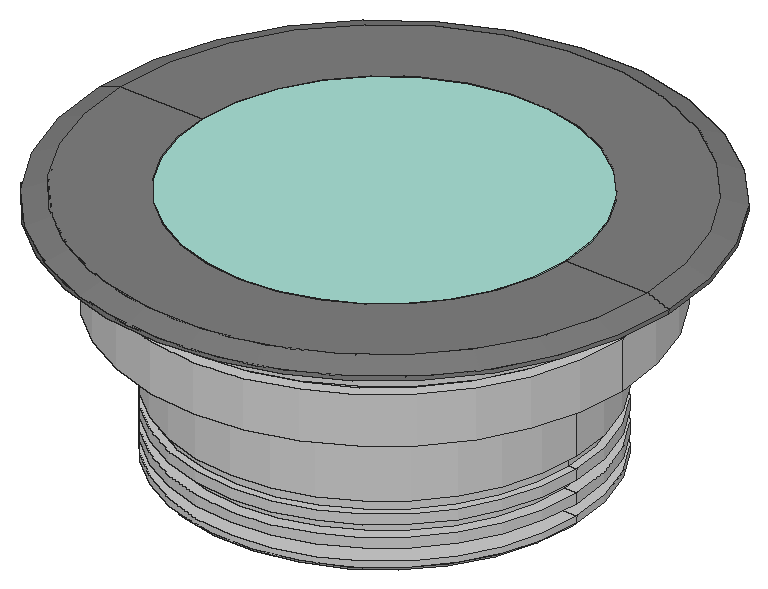
Revit family "Bright 5.F", category Lighting Fixtures, host Face, Revit 2017 (continued)
Types (16, lengths in mm): name | Wattage | Power | Photometric Web File | Optics | built-in parameter 1150142 | built-in parameter 1150105 | Lumens | built-in parameter 1150106 | Apparent Load Phase 1
  Bright 5.F X 67°x11° (3000K 19W 24Vdc) | 10.354 W | "19W" | "BRIGHT 5.F X 67°x11° magnet [3000K 19W 24Vdc].IES" | "67°x11° adjustable through 360°" | "IESNA:LM-63-2002\r\n[TEST] 20190607-1503.LDT\r\n[TESTLAB] L&L\r\n[TESTDATE] 7 Jun 2019\r\n[ISSUEDATE] 7 Jun 2019\r\n[MANUFAC] L&L\r\n[LUMCAT] BRIGHT 5.F X 67°x11° magnet [3000K 19W 24Vdc]\r\n[LUMINAIRE] BRIGHT 5.F X 67°x11° magnet [3000K 19W 24Vdc]\r\n[FLASHAREA] 0.001900\r\n[LAMPCAT] Power LED High Intensity\r\n[LAMP] Power LED High Intensity\r\nTILT=NONE\r\n3 351.33 1.0 181 73 1 2 -0.100 -0.100 0.000\r\n1.00 1.00 19.00\r\n0.00 1.00 2.00 3.00 4.00 5.00 6.00 7.00 8.00 9.00 10.00 \r\n11.00 12.00 13.00 14.00 15.00 16.00 17.00 18.00 19.00 \r\n20.00 21.00 22.00 23.00 24.00 25.00 26.00 27.00 28.00 \r\n29.00 30.00 31.00 32.00 33.00 34.00 35.00 36.00 37.00 \r\n38.00 39.00 40.00 41.00 42.00 43.00 44.00 45.00 46.00 \r\n47.00 48.00 49.00 50.00 51.00 52.00 53.00 54.00 55.00 \r\n56.00 57.00 58.00 59.00 60.00 61.00 62.00 63.00 64.00 \r\n65.00 66.00 67.00 68.00 69.00 70.00 71.00 72.00 73.00 \r\n74.00 75.00 76.00 77.00 78.00 79.00 80.00 81.00 82.00 \r\n83.00 84.00 85.00 86.00 87.00 88.00 89.00 90.00 91.00 \r\n92.00 93.00 94.00 95.00 96.00 97.00 98.00 99.00 100.00 \r\n101.00 102.00 103.00 104.00 105.00 106.00 107.00 108.00 \r\n109.00 110.00 111.00 112.00 113.00 114.00 115.00 116.00 \r\n117.00 118.00 119.00 120.00 121.00 122.00 123.00 124.00 \r\n125.00 126.00 127.00 128.00 129.00 130.00 131.00 132.00 \r\n133.00 134.00 135.00 136.00 137.00 138.00 139.00 140.00 \r\n141.00 142.00 143.00 144.00 145.00 146.00 147.00 148.00 \r\n149.00 150.00 151.00 152.00 153.00 154.00 155.00 156.00 \r\n157.00 158.00 159.00 160.00 161.00 162.00 163.00 164.00 \r\n165.00 166.00 167.00 168.00 169.00 170.00 171.00 172.00 \r\n173.00 174.00 175.00 176.00 177.00 178.00 179.00 180.00 \r\n0.00 5.00 10.00 15.00 20.00 25.00 30.00 35.00 40.00 45.00 \r\n50.00 55.00 60.00 65.00 70.00 75.00 80.00 85.00 90.00 \r\n95.00 100.00 105.00 110.00 115.00 120.00 125.00 130.00 \r\n135.00 140.00 145.00 150.00 155.00 160.00 165.00 170.00 \r\n175.00 180.00 185.00 190.00 195.00 200.00 205.00 210.00 \r\n215.00 220.00 225.00 230.00 235.00 240.00 245.00 250.00 \r\n255.00 260.00 265.00 270.00 275.00 280.00 285.00 290.00 \r\n295.00 300.00 305.00 310.00 315.00 320.00 325.00 330.00 \r\n335.00 340.00 345.00 350.00 355.00 360.00 \r\n4408.84 4232.87 3897.98 3439.21 2894.88 2338.87 1852.53 \r\n1395.37 1034.28 778.00 575.39 452.10 361.02 292.43 252.11 \r\n218.23 193.39 171.62 152.53 136.65 122.45 108.95 98.24 \r\n87.68 79.16 71.66 64.97 59.22 54.44 50.22 46.55 43.15 \r\n40.02 37.35 34.65 32.47 30.33 28.38 26.54 24.94 23.28 \r\n21.89 20.51 19.21 17.98 16.87 15.89 14.80 13.92 13.02 \r\n12.13 11.36 10.63 9.90 9.30 8.66 8.14 7.60 7.11 6.61 6.14 \r\n5.66 5.23 4.80 4.37 3.99 3.60 3.27 2.96 2.68 2.41 2.18 \r\n1.94 1.73 1.53 1.34 1.17 1.01 0.87 0.72 0.60 0.48 0.37 \r\n0.28 0.21 0.14 0.10 0.08 0.05 0.01 0.00 0.00 0.00 0.00 \r\n0.00 0.00 0.00 0.00 0.00 0.00 0.00 0.00 0.00 0.00 0.00 \r\n0.00 0.00 0.00 0.00 0.00 0.00 0.00 0.00 0.00 0.00 0.00 \r\n0.00 0.00 0.00 0.00 0.00 0.00 0.00 0.00 0.00 0.00 0.00 \r\n0.00 0.00 0.00 0.00 0.00 0.00 0.00 0.00 0.00 0.00 0.00 \r\n0.00 0.00 0.00 0.00 0.00 0.00 0.00 0.00 0.00 0.00 0.00 \r\n0.00 0.00 0.00 0.00 0.00 0.00 0.00 0.00 0.00 0.00 0.00 \r\n0.00 0.00 0.00 0.00 0.00 0.00 0.00 0.00 0.00 0.00 0.00 \r\n0.00 0.00 0.00 0.00 0.00 0.00 0.00 0.00 0.00 0.00 \r\n4408.84 4296.66 4002.62 3584.57 3048.63 2518.06 1983.29 \r\n1545.47 1147.14 855.65 639.82 491.54 381.67 313.28 266.12 \r\n228.39 200.27 177.82 158.34 141.47 127.52 113.70 102.12 \r\n91.40 82.07 73.98 67.31 61.35 56.34 51.74 47.82 44.30 \r\n41.08 38.29 35.56 33.26 31.03 29.09 27.23 25.58 24.00 \r\n22.47 21.03 19.74 18.47 17.33 16.29 15.28 14.33 13.37 \r\n12.49 11.66 10.92 10.17 9.55 8.94 8.36 7.83 7.32 6.82 \r\n6.36 5.88 5.43 4.98 4.57 4.19 3.80 3.44 3.11 2.81 2.53 \r\n2.28 2.04 1.83 1.62 1.43 1.25 1.07 0.92 0.77 0.64 0.52 \r\n0.41 0.32 0.24 0.17 0.12 0.09 0.06 0.03 0.00 0.00 0.00 \r\n0.00 0.00 0.00 0.00 0.00 0.00 0.00 0.00 0.00 0.00 0.00 \r\n0.00 0.00 0.00 0.00 0.00 0.00 0.00 0.00 0.00 0.00 0.00 \r\n0.00 0.00 0.00 0.00 0.00 0.00 0.00 0.00 0.00 0.00 0.00 \r\n0.00 0.00 0.00 0.00 0.00 0.00 0.00 0.00 0.00 0.00 0.00 \r\n0.00 0.00 0.00 0.00 0.00 0.00 0.00 0.00 0.00 0.00 0.00 \r\n0.00 0.00 0.00 0.00 0.00 0.00 0.00 0.00 0.00 0.00 0.00 \r\n0.00 0.00 0.00 0.00 0.00 0.00 0.00 0.00 0.00 0.00 0.00 \r\n0.00 0.00 0.00 0.00 0.00 0.00 0.00 0.00 0.00 0.00 0.00 \r\n4408.84 4297.41 4012.49 3601.19 3072.69 2550.52 2017.42 \r\n1563.23 1191.91 888.93 661.29 507.47 392.83 322.24 272.52 \r\n233.90 205.46 181.53 162.06 145.44 130.12 116.44 104.92 \r\n94.07 84.83 75.95 69.36 63.30 57.97 53.24 49.19 45.63 \r\n42.34 39.30 36.66 34.28 32.04 30.01 28.12 26.38 24.73 \r\n23.21 21.78 20.42 19.13 17.93 16.80 15.79 14.78 13.84 \r\n12.90 12.08 11.33 10.55 9.88 9.26 8.66 8.10 7.59 7.07 \r\n6.60 6.09 5.66 5.22 4.78 4.39 4.00 3.63 3.28 2.95 2.65 \r\n2.39 2.12 1.89 1.67 1.47 1.28 1.09 0.93 0.78 0.63 0.51 \r\n0.41 0.31 0.23 0.17 0.12 0.09 0.06 0.03 0.00 0.00 0.00 \r\n0.00 0.00 0.00 0.00 0.00 0.00 0.00 0.00 0.00 0.00 0.00 \r\n0.00 0.00 0.00 0.00 0.00 0.00 0.00 0.00 0.00 0.00 0.00 \r\n0.00 0.00 0.00 0.00 0.00 0.00 0.00 0.00 0.00 0.00 0.00 \r\n0.00 0.00 0.00 0.00 0.00 0.00 0.00 0.00 0.00 0.00 0.00 \r\n0.00 0.00 0.00 0.00 0.00 0.00 0.00 0.00 0.00 0.00 0.00 \r\n0.00 0.00 0.00 0.00 0.00 0.00 0.00 0.00 0.00 0.00 0.00 \r\n0.00 0.00 0.00 0.00 0.00 0.00 0.00 0.00 0.00 0.00 0.00 \r\n0.00 0.00 0.00 0.00 0.00 0.00 0.00 0.00 0.00 0.00 0.00 \r\n4408.84 4299.33 4021.49 3608.66 3108.55 2593.05 2077.12 \r\n1622.81 1219.79 918.94 690.55 528.78 411.26 334.47 280.96 \r\n242.11 211.98 187.03 167.86 150.35 134.66 120.92 109.28 \r\n97.88 88.38 79.48 72.22 65.90 60.24 55.48 51.33 47.54 \r\n44.11 41.07 38.26 35.80 33.38 31.33 29.32 27.53 25.82 \r\n24.29 22.76 21.37 20.07 18.78 17.62 16.50 15.51 14.51 \r\n13.58 12.70 11.88 11.05 10.35 9.66 9.06 8.48 7.93 7.40 \r\n6.89 6.40 5.95 5.51 5.07 4.66 4.26 3.88 3.52 3.18 2.84 \r\n2.55 2.27 2.01 1.76 1.55 1.34 1.15 0.97 0.80 0.65 0.52 \r\n0.41 0.31 0.23 0.17 0.12 0.09 0.06 0.03 0.00 0.00 0.00 \r\n0.00 0.00 0.00 0.00 0.00 0.00 0.00 0.00 0.00 0.00 0.00 \r\n0.00 0.00 0.00 0.00 0.00 0.00 0.00 0.00 0.00 0.00 0.00 \r\n0.00 0.00 0.00 0.00 0.00 0.00 0.00 0.00 0.00 0.00 0.00 \r\n0.00 0.00 0.00 0.00 0.00 0.00 0.00 0.00 0.00 0.00 0.00 \r\n0.00 0.00 0.00 0.00 0.00 0.00 0.00 0.00 0.00 0.00 0.00 \r\n0.00 0.00 0.00 0.00 0.00 0.00 0.00 0.00 0.00 0.00 0.00 \r\n0.00 0.00 0.00 0.00 0.00 0.00 0.00 0.00 0.00 0.00 0.00 \r\n0.00 0.00 0.00 0.00 0.00 0.00 0.00 0.00 0.00 0.00 0.00 \r\n4408.84 4300.19 4027.57 3652.95 3143.58 2669.90 2141.57 \r\n1684.34 1293.91 976.80 733.81 570.92 436.99 355.59 297.42 \r\n254.12 223.27 196.75 176.59 158.18 141.89 127.50 115.42 \r\n103.66 94.00 84.64 76.92 70.31 64.04 58.88 54.59 50.39 \r\n46.76 43.61 40.57 38.15 35.47 33.40 31.27 29.36 27.61 \r\n25.89 24.30 22.84 21.38 20.07 18.87 17.60 16.55 15.47 \r\n14.51 13.55 12.67 11.82 11.07 10.29 9.65 9.03 8.42 7.88 \r\n7.33 6.82 6.36 5.90 5.45 5.03 4.61 4.24 3.85 3.49 3.13 \r\n2.81 2.51 2.21 1.94 1.69 1.46 1.24 1.04 0.86 0.70 0.55 \r\n0.43 0.32 0.24 0.17 0.12 0.09 0.06 0.03 0.00 0.00 0.00 \r\n0.00 0.00 0.00 0.00 0.00 0.00 0.00 0.00 0.00 0.00 0.00 \r\n0.00 0.00 0.00 0.00 0.00 0.00 0.00 0.00 0.00 0.00 0.00 \r\n0.00 0.00 0.00 0.00 0.00 0.00 0.00 0.00 0.00 0.00 0.00 \r\n0.00 0.00 0.00 0.00 0.00 0.00 0.00 0.00 0.00 0.00 0.00 \r\n0.00 0.00 0.00 0.00 0.00 0.00 0.00 0.00 0.00 0.00 0.00 \r\n0.00 0.00 0.00 0.00 0.00 0.00 0.00 0.00 0.00 0.00 0.00 \r\n0.00 0.00 0.00 0.00 0.00 0.00 0.00 0.00 0.00 0.00 0.00 \r\n0.00 0.00 0.00 0.00 0.00 0.00 0.00 0.00 0.00 0.00 0.00 \r\n4408.84 4304.18 4056.51 3682.67 3223.18 2711.82 2231.85 \r\n1762.62 1368.27 1038.41 799.00 610.22 478.60 383.31 \r\n321.13 271.64 237.15 208.95 186.75 167.89 151.39 136.60 \r\n123.68 111.88 101.22 91.54 83.19 76.00 69.24 63.71 58.88 \r\n54.53 50.57 47.09 43.98 41.12 38.36 36.02 33.72 31.65 \r\n29.80 27.90 26.25 24.66 23.16 21.74 20.47 19.16 17.97 \r\n16.84 15.78 14.76 13.81 12.93 12.09 11.31 10.57 9.86 9.23 \r\n8.61 8.02 7.48 6.94 6.46 5.98 5.54 5.11 4.67 4.28 3.90 \r\n3.53 3.16 2.83 2.51 2.21 1.92 1.66 1.41 1.18 0.96 0.78 \r\n0.61 0.47 0.35 0.25 0.18 0.12 0.09 0.06 0.03 0.00 0.00 \r\n0.00 0.00 0.00 0.00 0.00 0.00 0.00 0.00 0.00 0.00 0.00 \r\n0.00 0.00 0.00 0.00 0.00 0.00 0.00 0.00 0.00 0.00 0.00 \r\n0.00 0.00 0.00 0.00 0.00 0.00 0.00 0.00 0.00 0.00 0.00 \r\n0.00 0.00 0.00 0.00 0.00 0.00 0.00 0.00 0.00 0.00 0.00 \r\n0.00 0.00 0.00 0.00 0.00 0.00 0.00 0.00 0.00 0.00 0.00 \r\n0.00 0.00 0.00 0.00 0.00 0.00 0.00 0.00 0.00 0.00 0.00 \r\n0.00 0.00 0.00 0.00 0.00 0.00 0.00 0.00 0.00 0.00 0.00 \r\n0.00 0.00 0.00 0.00 0.00 0.00 0.00 0.00 0.00 0.00 0.00 \r\n0.00 \r\n4408.84 4310.92 4075.98 3721.59 3282.67 2830.81 2330.32 \r\n1890.31 1479.34 1157.40 876.61 684.50 529.66 428.74 \r\n353.12 299.16 258.36 227.05 202.54 181.48 163.80 148.31 \r\n135.38 122.12 111.68 101.43 92.19 84.25 76.75 70.51 65.17 \r\n60.18 55.91 51.93 48.42 45.41 42.45 39.80 37.26 35.04 \r\n32.87 30.99 29.06 27.45 25.82 24.26 22.86 21.47 20.19 \r\n18.96 17.85 16.70 15.64 14.63 13.74 12.83 12.04 11.27 \r\n10.52 9.82 9.13 8.51 7.91 7.34 6.80 6.30 5.79 5.34 4.88 \r\n4.44 4.03 3.64 3.25 2.90 2.55 2.24 1.93 1.64 1.36 1.11 \r\n0.90 0.71 0.53 0.39 0.28 0.19 0.13 0.09 0.07 0.03 0.00 \r\n0.00 0.00 0.00 0.00 0.00 0.00 0.00 0.00 0.00 0.00 0.00 \r\n0.00 0.00 0.00 0.00 0.00 0.00 0.00 0.00 0.00 0.00 0.00 \r\n0.00 0.00 0.00 0.00 0.00 0.00 0.00 0.00 0.00 0.00 0.00 \r\n0.00 0.00 0.00 0.00 0.00 0.00 0.00 0.00 0.00 0.00 0.00 \r\n0.00 0.00 0.00 0.00 0.00 0.00 0.00 0.00 0.00 0.00 0.00 \r\n0.00 0.00 0.00 0.00 0.00 0.00 0.00 0.00 0.00 0.00 0.00 \r\n0.00 0.00 0.00 0.00 0.00 0.00 0.00 0.00 0.00 0.00 0.00 \r\n0.00 0.00 0.00 0.00 0.00 0.00 0.00 0.00 0.00 0.00 0.00 \r\n0.00 0.00 \r\n4408.84 4321.87 4109.05 3779.22 3369.11 2920.03 2461.24 \r\n2023.81 1618.24 1270.81 992.01 775.62 607.75 489.07 \r\n397.16 335.02 287.30 250.19 222.82 198.96 180.33 163.57 \r\n149.07 136.06 124.48 113.42 103.54 94.89 87.07 80.13 \r\n73.56 68.25 63.10 58.78 54.57 51.02 47.73 44.77 41.96 \r\n39.50 37.16 35.00 32.88 31.02 29.25 27.53 25.97 24.46 \r\n23.10 21.69 20.45 19.22 18.11 16.94 15.90 14.94 14.02 \r\n13.12 12.24 11.46 10.64 9.95 9.23 8.57 7.92 7.34 6.72 \r\n6.20 5.65 5.14 4.64 4.20 3.76 3.34 2.94 2.59 2.23 1.89 \r\n1.59 1.29 1.05 0.81 0.62 0.45 0.31 0.21 0.14 0.10 0.07 \r\n0.03 0.00 0.00 0.00 0.00 0.00 0.00 0.00 0.00 0.00 0.00 \r\n0.00 0.00 0.00 0.00 0.00 0.00 0.00 0.00 0.00 0.00 0.00 \r\n0.00 0.00 0.00 0.00 0.00 0.00 0.00 0.00 0.00 0.00 0.00 \r\n0.00 0.00 0.00 0.00 0.00 0.00 0.00 0.00 0.00 0.00 0.00 \r\n0.00 0.00 0.00 0.00 0.00 0.00 0.00 0.00 0.00 0.00 0.00 \r\n0.00 0.00 0.00 0.00 0.00 0.00 0.00 0.00 0.00 0.00 0.00 \r\n0.00 0.00 0.00 0.00 0.00 0.00 0.00 0.00 0.00 0.00 0.00 \r\n0.00 0.00 0.00 0.00 0.00 0.00 0.00 0.00 0.00 0.00 0.00 \r\n0.00 0.00 0.00 0.00 \r\n4408.84 4326.97 4135.36 3834.72 3457.16 3042.91 2600.55 \r\n2179.08 1773.40 1433.91 1142.26 907.01 708.10 573.14 \r\n467.88 389.75 331.52 286.94 252.10 225.53 202.84 183.87 \r\n168.37 154.18 141.46 129.38 119.38 109.80 101.19 93.16 \r\n86.08 79.47 73.80 68.21 63.51 59.31 55.29 51.78 48.64 \r\n45.75 42.98 40.33 38.02 35.79 33.68 31.75 29.93 28.24 \r\n26.58 25.05 23.60 22.20 20.89 19.63 18.40 17.29 16.22 \r\n15.19 14.20 13.24 12.35 11.45 10.63 9.86 9.10 8.40 7.73 \r\n7.10 6.48 5.88 5.30 4.79 4.26 3.79 3.33 2.90 2.50 2.13 \r\n1.77 1.45 1.15 0.90 0.68 0.49 0.35 0.23 0.15 0.10 0.07 \r\n0.03 0.00 0.00 0.00 0.00 0.00 0.00 0.00 0.00 0.00 0.00 \r\n0.00 0.00 0.00 0.00 0.00 0.00 0.00 0.00 0.00 0.00 0.00 \r\n0.00 0.00 0.00 0.00 0.00 0.00 0.00 0.00 0.00 0.00 0.00 \r\n0.00 0.00 0.00 0.00 0.00 0.00 0.00 0.00 0.00 0.00 0.00 \r\n0.00 0.00 0.00 0.00 0.00 0.00 0.00 0.00 0.00 0.00 0.00 \r\n0.00 0.00 0.00 0.00 0.00 0.00 0.00 0.00 0.00 0.00 0.00 \r\n0.00 0.00 0.00 0.00 0.00 0.00 0.00 0.00 0.00 0.00 0.00 \r\n0.00 0.00 0.00 0.00 0.00 0.00 0.00 0.00 0.00 0.00 0.00 \r\n0.00 0.00 0.00 0.00 \r\n4408.84 4341.85 4160.70 3892.27 3548.93 3165.44 2742.79 \r\n2351.21 1951.46 1624.03 1324.57 1061.32 859.75 689.50 \r\n566.96 471.63 397.91 338.54 296.54 261.55 234.74 212.03 \r\n193.28 177.10 163.44 149.81 139.00 128.71 119.18 110.29 \r\n102.15 95.06 87.94 81.86 75.97 70.81 65.78 61.35 57.34 \r\n53.70 50.25 47.17 44.23 41.53 39.04 36.72 34.45 32.46 \r\n30.49 28.63 26.96 25.29 23.78 22.31 20.91 19.60 18.38 \r\n17.15 16.08 14.96 13.96 12.90 11.98 11.12 10.22 9.43 8.67 \r\n7.93 7.24 6.54 5.90 5.32 4.72 4.19 3.67 3.20 2.75 2.33 \r\n1.93 1.58 1.24 0.97 0.74 0.53 0.37 0.25 0.16 0.10 0.07 \r\n0.03 0.00 0.00 0.00 0.00 0.00 0.00 0.00 0.00 0.00 0.00 \r\n0.00 0.00 0.00 0.00 0.00 0.00 0.00 0.00 0.00 0.00 0.00 \r\n0.00 0.00 0.00 0.00 0.00 0.00 0.00 0.00 0.00 0.00 0.00 \r\n0.00 0.00 0.00 0.00 0.00 0.00 0.00 0.00 0.00 0.00 0.00 \r\n0.00 0.00 0.00 0.00 0.00 0.00 0.00 0.00 0.00 0.00 0.00 \r\n0.00 0.00 0.00 0.00 0.00 0.00 0.00 0.00 0.00 0.00 0.00 \r\n0.00 0.00 0.00 0.00 0.00 0.00 0.00 0.00 0.00 0.00 0.00 \r\n0.00 0.00 0.00 0.00 0.00 0.00 0.00 0.00 0.00 0.00 0.00 \r\n0.00 0.00 0.00 0.00 \r\n4408.84 4341.72 4189.29 3954.85 3635.12 3288.67 2911.93 \r\n2539.19 2180.96 1836.13 1537.36 1287.61 1032.12 862.63 \r\n717.36 594.08 500.64 424.85 364.47 321.01 284.60 254.50 \r\n231.20 210.77 193.74 178.58 165.33 154.23 143.02 133.17 \r\n124.52 115.45 107.80 100.59 93.41 87.08 80.82 75.18 69.83 \r\n64.95 60.83 56.57 52.67 49.22 45.85 42.94 40.21 37.62 \r\n35.25 33.02 30.91 28.95 27.15 25.38 23.79 22.21 20.77 \r\n19.41 18.09 16.87 15.67 14.54 13.46 12.43 11.42 10.53 \r\n9.65 8.82 8.02 7.25 6.53 5.88 5.22 4.63 4.05 3.50 3.01 \r\n2.55 2.12 1.71 1.37 1.05 0.79 0.56 0.39 0.26 0.16 0.11 \r\n0.07 0.03 0.00 0.00 0.00 0.00 0.00 0.00 0.00 0.00 0.00 \r\n0.00 0.00 0.00 0.00 0.00 0.00 0.00 0.00 0.00 0.00 0.00 \r\n0.00 0.00 0.00 0.00 0.00 0.00 0.00 0.00 0.00 0.00 0.00 \r\n0.00 0.00 0.00 0.00 0.00 0.00 0.00 0.00 0.00 0.00 0.00 \r\n0.00 0.00 0.00 0.00 0.00 0.00 0.00 0.00 0.00 0.00 0.00 \r\n0.00 0.00 0.00 0.00 0.00 0.00 0.00 0.00 0.00 0.00 0.00 \r\n0.00 0.00 0.00 0.00 0.00 0.00 0.00 0.00 0.00 0.00 0.00 \r\n0.00 0.00 0.00 0.00 0.00 0.00 0.00 0.00 0.00 0.00 0.00 \r\n0.00 0.00 0.00 0.00 0.00 \r\n4408.84 4356.10 4219.91 4009.83 3734.45 3426.08 3087.95 \r\n2751.43 2398.69 2091.06 1793.14 1522.15 1289.39 1089.43 \r\n915.41 776.20 658.16 558.83 482.01 416.50 367.61 324.70 \r\n290.82 263.53 241.01 219.93 203.71 188.91 175.83 163.71 \r\n152.52 143.04 133.18 124.33 115.60 107.77 100.43 93.42 \r\n86.64 80.54 74.83 69.43 64.13 59.60 55.32 51.21 47.56 \r\n44.26 41.24 38.38 35.83 33.31 31.13 28.89 27.03 25.20 \r\n23.53 21.92 20.41 18.94 17.60 16.21 15.04 13.90 12.74 \r\n11.72 10.71 9.77 8.90 8.04 7.20 6.43 5.70 5.05 4.40 3.84 \r\n3.28 2.76 2.29 1.86 1.49 1.13 0.86 0.60 0.41 0.27 0.17 \r\n0.11 0.07 0.03 0.00 0.00 0.00 0.00 0.00 0.00 0.00 0.00 \r\n0.00 0.00 0.00 0.00 0.00 0.00 0.00 0.00 0.00 0.00 0.00 \r\n0.00 0.00 0.00 0.00 0.00 0.00 0.00 0.00 0.00 0.00 0.00 \r\n0.00 0.00 0.00 0.00 0.00 0.00 0.00 0.00 0.00 0.00 0.00 \r\n0.00 0.00 0.00 0.00 0.00 0.00 0.00 0.00 0.00 0.00 0.00 \r\n0.00 0.00 0.00 0.00 0.00 0.00 0.00 0.00 0.00 0.00 0.00 \r\n0.00 0.00 0.00 0.00 0.00 0.00 0.00 0.00 0.00 0.00 0.00 \r\n0.00 0.00 0.00 0.00 0.00 0.00 0.00 0.00 0.00 0.00 0.00 \r\n0.00 0.00 0.00 0.00 0.00 0.00 \r\n4408.84 4365.53 4242.92 4069.07 3821.67 3562.33 3247.69 \r\n2955.72 2642.30 2358.11 2077.51 1825.27 1577.26 1384.65 \r\n1195.05 1034.31 897.48 774.10 674.81 584.44 513.37 449.75 \r\n402.35 358.47 324.28 293.23 268.72 247.03 227.92 211.04 \r\n196.04 182.24 169.45 157.58 145.83 135.88 125.75 116.74 \r\n108.08 100.39 92.80 85.96 79.14 73.20 67.63 62.30 57.53 \r\n53.15 49.28 45.37 41.99 38.84 36.00 33.21 30.98 28.75 \r\n26.74 24.79 23.00 21.27 19.70 18.23 16.79 15.50 14.22 \r\n13.04 11.86 10.85 9.79 8.86 7.90 7.09 6.27 5.51 4.81 4.16 \r\n3.58 2.99 2.50 2.02 1.61 1.25 0.92 0.65 0.44 0.28 0.18 \r\n0.11 0.08 0.03 0.00 0.00 0.00 0.00 0.00 0.00 0.00 0.00 \r\n0.00 0.00 0.00 0.00 0.00 0.00 0.00 0.00 0.00 0.00 0.00 \r\n0.00 0.00 0.00 0.00 0.00 0.00 0.00 0.00 0.00 0.00 0.00 \r\n0.00 0.00 0.00 0.00 0.00 0.00 0.00 0.00 0.00 0.00 0.00 \r\n0.00 0.00 0.00 0.00 0.00 0.00 0.00 0.00 0.00 0.00 0.00 \r\n0.00 0.00 0.00 0.00 0.00 0.00 0.00 0.00 0.00 0.00 0.00 \r\n0.00 0.00 0.00 0.00 0.00 0.00 0.00 0.00 0.00 0.00 0.00 \r\n0.00 0.00 0.00 0.00 0.00 0.00 0.00 0.00 0.00 0.00 0.00 \r\n0.00 0.00 0.00 0.00 0.00 0.00 \r\n4408.84 4365.16 4265.19 4115.26 3898.68 3669.80 3419.53 
